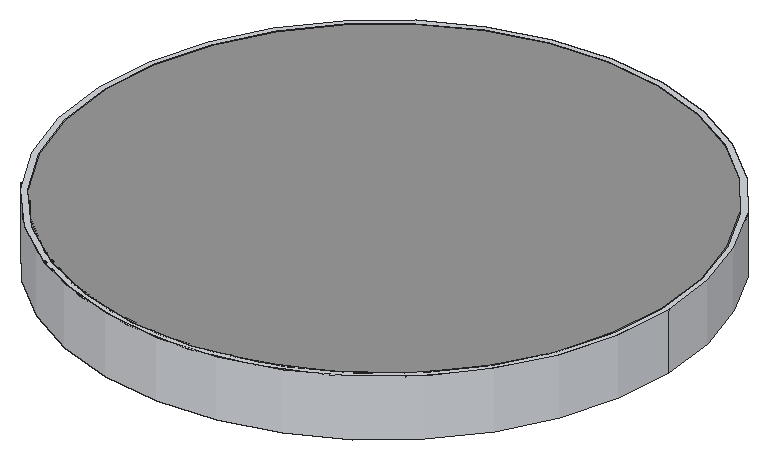
Revit family "2071196", category Lighting Fixtures, host Face, Revit 2018
Family settings
  Host = Face
  Round Connector Dimension = Use Diameter
  Part Type = Normal
  OmniClass Number = 23.80.70.00
  OmniClass Title = Lighting
  Cut with Voids When Loaded = No
  Light Source = Yes
  Shared = No
  Room Calculation Point = No
Parameters (values of type "2071196 COLOSSAL 600 940 PR DIR WHT SSC")
  iner diameter = 588 mm
  Weight = "n/a"
  Wattage Comments = ""
  Wattage = 30 W
  WarrantyStartDate [instance] = "n/a"
  WarrantyGuarantorParts = "n/a"
  WarrantyDurationUnit = "n/a"
  WarrantyDurationParts = ""
  WarrantyDescription = "http://www.sylvania-lighting.com"
  built-in parameter 1150110 = 1 (stored number, unit not read)
  Voltage = 230 V
  URL = "0.99"
  TypeName = "COLOSSAL 600mm 940 PRISM DIR WHITE SSC"
  Type Image = <None>
  Type Comments = "n/a"
  built-in parameter 1114217 = 1 (stored number, unit not read)
  Tilt Angle = -90.00°
  built-in parameter 1150109 = 1 (stored number, unit not read)
  built-in parameter 1150134 = (empty or 0)
  built-in parameter 1150113 = 1 (stored number, unit not read)
  SerialNumber [instance] = "n/a"
  Photometric Web File = "2071196.ies"
  Material_3_SYL = LED-Sylvania
  PowerFactor = 0
  PowerConsumption = "Lighting"
  NominalLength = 600 mm
  NominalHeight = 93 mm
  NominalDepth = 600 mm
  Name = "COLOSSAL 600mm 940 PRISM DIR WHITE SSC"
  ModelReference = Name  # "COLOSSAL 600mm 940 PRISM DIR WHITE SSC"
  ModelNumber = "2071196"
  Model = Name  # "COLOSSAL 600mm 940 PRISM DIR WHITE SSC"
  Material = "Feilo Sylvania"
  ManufacturerName = "109 lm/W"
  Manufacturer = ""
  LuminousEfficacy = ""
  built-in parameter 1150105 = 270.44 (stored number, unit not read)
  Lumens = 3398.4 lm
  LuminaireType = "0"
  built-in parameter 1150115 = 1 (stored number, unit not read)
  LightOutputRatio = "LED"
  built-in parameter 1150137 = (empty or 0)
  built-in parameter 1150139 = (empty or 0)
  LampsType = Lamp  # "n/a"
  LampNominalLuminous = "4000 K"
  LampMacAdamStep = "90"
  LampColourTemperature = "LED"
  LampColourRenderingIndex = "16500"
  built-in parameter 1150112 = 1 (stored number, unit not read)
  built-in parameter 1150114 = 1 (stored number, unit not read)
  Lamp = "n/a"
  Keynote = "n/a"
  InstallationDate [instance] = "n/a"
  InputVoltage = "0"
  InputNominalFrequency = "4000"
  built-in parameter 1150132 = (empty or 0)
  built-in parameter 1150102 = (empty or 0)
  built-in parameter 1150107 = 3000 (stored number, unit not read)
  built-in parameter 1150138 = (empty or 0)
  IngressProtection = "IfcLightFixtureType"
  ImpactProtectionIndex = "IfcLightFixtureType"
  built-in parameter 1150106 = 2.7044 (stored number, unit not read)
  IfcExportType = "IfcLightFixtureType"
  IfcExportAs = "Class I"
  Emit from Circle Diameter = 385 mm
  Emit Shape Visible in Rendering = no
  ElectricShockClassification = "109"
  built-in parameter 1150104 = 10.524 (stored number, unit not read)
  DocumentationLiterature = "http://www.sylvania-lighting.com/product/en-int/products/2071196"
  DimmingControlOptions = "n/a"
  Material_2_SYL = Polycarbonate_Sylvania_White
  Dimming Lamp Color Temperature Shift = <None>
  Description = "600mm diameter circular architectural luminaire, can be surface mounted or suspended. Powder coated aluminium housing (RAL9016) with PMMA prismatic diffuser. Direct light distribution, 3400lm luminuous flux, 31.3W system power, 109lm/W luminiaire efficacy. Sylsmart Standalone enabled. Colour rendering index Ra >90, 4000K Neutral White LED, chromaticity tolerance of 3-step MacAdam ellipse. IP40, IK03. 350mA drive current. UGR≤19. Electrical protection Class1, 220-240V. Reported lifetime 66k hours L90B10."
  Default Elevation = 1219.2 mm
  CreatedOn = "23/03/2022"
  CreatedBy = "@sylvania-lighting.com"
  Cost = 0
  Color Filter = 16777215
  built-in parameter 1114216 [instance] = (empty or 0)
  ClassificationValue = "EF_70_80"
  ClassificationName = "Uniclass2015"
  Material_1_SYL = Polycarbonate_Sylvania_Opal
  BarCode [instance] = "n/a"
  built-in parameter 1114218 = 1 (stored number, unit not read)
  built-in parameter 1150133 = 10 (stored number, unit not read)
  AssetType = "Fixed"
  AssetIdentifier [instance] = "n/a"
  Assembly Code = "D5020200"
  Apparent Load = 31.3 VA
  Material_4_SYL = none
Reference planes
  plane 1 "Center (Front/Back)": y = 0
  plane 2: z = 0
  plane 3 "Center (Left/Right)": x = 0
  plane 4: x = -300
  plane 5: x = 300
  plane 6: y = 300
  plane 7: y = -300
  plane 8: y = 212
  plane 9: y = -212
  plane 10: z = 93
  plane 11: y = 294
  plane 12: y = -294
  plane 13: through (0, 0, 1219.2) normal (0.5, -0.866, 0)
  plane 14: through (-134.29, 20.617, 1219.2) normal (0.5, -0.866, 0)
  plane 15: through (-144.685, -181.683, 1219.2) normal (-0.5, 0.866, 0)
  plane 16: through (0, 0, 1219.2) normal (0.5, 0.866, 0)
  plane 17: through (178.555, -4.939, 1219.2) normal (0.5, 0.866, 0)
  plane 18: through (87.581, -148.715, 1219.2) normal (0.5, 0.866, 0)
  plane 19: y = 272
  plane 20: through (105.168, 227.067, 1219.2) normal (0.866, 0.5, 0)
  plane 21: through (-104.171, 225.672, 1219.2) normal (0.8572, -0.515, 0)
  plane 22: y = -204.612
  plane 23: through (-296.643, -30.2, 1219.2) normal (0.866, 0.5, 0)
  plane 24: through (153.092, -278.837, 1219.2) normal (-0.866, 0.5, 0)
Forms (mm)
  Extrusion 1, solid, detail levels medium+fine
    sketch origin (0, 0, 0) x (1, 0, 0) y (0, 1, 0)
      loop
        circle (0, 0) r 300
    from 33.023 to 93
  Extrusion 2, void
    sketch origin (0, 0, 0) x (1, 0, 0) y (0, 1, 0)
      loop
        circle (0, 0) r 294
    from 93 to 37.292
  Extrusion 3, solid, material "Glass, White, High Luminance", detail levels fine
    sketch origin (0, 0, 0) x (1, 0, 0) y (0, 1, 0)
      loop
        circle (0, 0) r 294
    from 88.026 to 93
  Extrusion 4, solid, detail levels coarse
    sketch origin (0, 0, 0) x (1, 0, 0) y (0, 1, 0)
      loop
        line (-300, 300) -> (-300, -300) -> (300, -300) -> (300, 300) -> (-300, 300)
    from 0 to 93
  Blend 5, solid, detail levels medium+fine
    base sketch origin (0, 0, 0) x (1, 0, 0) y (0, 1, 0)
      loop
        line (-76.334, 272) -> (-277.665, -63.07) -> (-195.946, -204.612) -> (195.946, -204.612) -> (275.172, -67.388) -> (79.226, 272) -> (-76.334, 272)
    top sketch origin (0, 0, 0) x (1, 0, 0) y (0, 1, 0)
      loop
        line (-226.097, -32.388) -> (-141.097, -179.612) -> (141.097, -179.612) -> (226.097, -32.388) -> (85, 212) -> (-85, 212) -> (-226.097, -32.388)
    from 33.023 to 0
Cuts and joins
  Extrusion 2 cuts Extrusion 1
Lines and regions (mm)
  model lines
    curve 1: line (-85, 212, 0) -> (0, 212, 0)
    curve 2: line (0, 212, 0) -> (85, 212, 0)
Dimensions and locks
  "NominalDepth": plane 6 to plane 7
  "NominalLength": plane 4 to plane 5
  equal spacing: plane 4, plane 3 "Center (Left/Right)", plane 5
  "iner diameter": plane 11 to plane 12
  equal spacing: plane 11, plane 1 "Center (Front/Back)", plane 12
  equal spacing: plane 6, plane 1 "Center (Front/Back)", plane 7
  "NominalHeight": plane 10 to level
  radius of Extrusion 2 sketch curve = 294 mm
  aligned and locked: plane 2 to host face
  aligned and locked: level to host face
Automatic sketch dimensions
  host sketch curve to host sketch curve = 2438.4 mm  (x2)
  plane 1 "Center (Front/Back)" to Extrusion 1 sketch curve = 0 mm
  Extrusion 1 sketch curve to plane 3 "Center (Left/Right)" = 0 mm
  plane 1 "Center (Front/Back)" to Extrusion 2 sketch curve = 0 mm
  Extrusion 2 sketch curve to plane 3 "Center (Left/Right)" = 0 mm
  plane 1 "Center (Front/Back)" to Extrusion 3 sketch curve = 0 mm
  Extrusion 3 sketch curve to plane 3 "Center (Left/Right)" = 0 mm
  Extrusion 4 sketch curve to plane 4 = 0 mm
  Extrusion 4 sketch curve to plane 5 = 0 mm
  Extrusion 4 sketch curve to plane 7 = 0 mm
  Extrusion 4 sketch curve to plane 6 = 0 mm
  Blend 5 sketch curve to plane 8 = 0 mm
  Blend 5 sketch curve to plane 3 "Center (Left/Right)" = 85 mm
  plane 3 "Center (Left/Right)" to Blend 5 sketch curve = 85 mm
  plane 9 to Blend 5 sketch curve = 32.388 mm
  plane 3 "Center (Left/Right)" to Blend 5 sketch curve = 141.097 mm
  plane 1 "Center (Front/Back)" to Blend 5 sketch curve = 32.388 mm  (x2)
  Blend 5 sketch curve to plane 5 = 73.903 mm
  Blend 5 sketch curve to plane 3 "Center (Left/Right)" = 141.097 mm
  plane 4 to Blend 5 sketch curve = 73.903 mm
  curve 1 to plane 8 = 0 mm
  curve 2 to plane 3 "Center (Left/Right)" = 0 mm
  curve 1 to plane 3 "Center (Left/Right)" = 85 mm
  curve 1 to curve 2 = 85 mm
  Blend 5 sketch curve to plane 21 = 0 mm
  Blend 5 sketch curve to plane 23 = 0 mm  (x2)
  Blend 5 sketch curve to plane 22 = 0 mm
  Blend 5 sketch curve to plane 19 = 0 mm
  plane 21 to Blend 5 sketch curve = 0 mm
  Blend 5 sketch curve to plane 20 = 0 mm  (x2)
  Blend 5 sketch curve to plane 24 = 0 mm  (x2)
  radius of Extrusion 1 sketch curve = 300 mm
  radius of Extrusion 3 sketch curve = 294 mm
Connectors
  electrical at (0, 0, 0), driven by "Apparent Load", driven by "PowerFactor", driven by "Voltage"
    settings: index 1, voltage 230 V, apparent load 31.3 VA, apparent load phase1 0 VA, apparent load phase2 0 VA, apparent load phase3 0 VA, power factor 0, load classification "Lighting", number of poles 1, system type 30, power factor state 1, is connector primary yes, connector utility no, sub classification motor no, connector description ""
